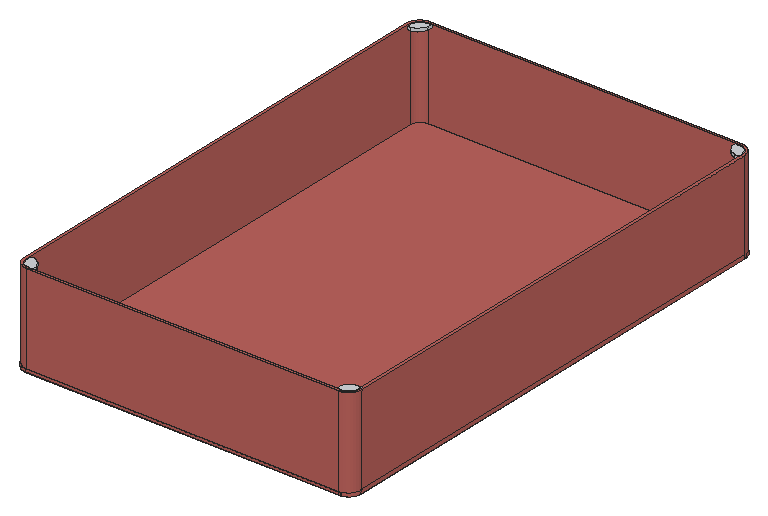
Revit family "Building-ElectricalVehicleCharging-GEWISS-JOINON-ICON_FLUSH-MOUNTING-BOX", category Apparecchi elettrici, host Superficie, Revit 2019 (continued)
Definition of nested family "2D - 48PTDIN CASSETTE DERIVAZIONE INCASSO"
  Lines and regions (mm)
    detail lines, in view "Livello rif.", not visible, detail levels medium+fine
      curve 359: line (-34.07, -268.868, 0) -> (-34.07, -264.782, 0)
      curve 360: line (-34.07, -264.782, 0) -> (-26.632, -264.782, 0)
      curve 361: line (-26.632, -264.782, 0) -> (-26.632, -263.474, 0)
      curve 362: line (-35.378, -268.868, 0) -> (-35.378, -259.387, 0)
      curve 363: line (-35.378, -259.387, 0) -> (-39.465, -259.387, 0)
      curve 364: line (-39.465, -259.387, 0) -> (-39.465, -268.868, 0)
      curve 365: line (-39.465, -268.868, 0) -> (-35.378, -268.868, 0)
      curve 366: line (-60.43, -253.992, 0) -> (-60.43, -258.079, 0)
      curve 367: line (-60.43, -258.079, 0) -> (-55.812, -258.079, 0)
      curve 368: line (-55.812, -258.079, 0) -> (-53.196, -268.868, 0)
      curve 369: line (-53.196, -268.868, 0) -> (-49.109, -268.868, 0)
      curve 370: line (-49.109, -268.868, 0) -> (-47.904, -262.738, 0)
      curve 371: line (-47.904, -262.738, 0) -> (-46.698, -268.868, 0)
      curve 372: line (-46.698, -268.868, 0) -> (-42.611, -268.868, 0)
      curve 373: line (-42.611, -268.868, 0) -> (-40.2, -258.079, 0)
      curve 374: line (-40.2, -258.079, 0) -> (-35.378, -258.079, 0)
      curve 375: line (-35.378, -258.079, 0) -> (-35.378, -253.992, 0)
      curve 376: line (-35.378, -253.992, 0) -> (-43.347, -253.992, 0)
      curve 377: line (-43.347, -253.992, 0) -> (-44.818, -260.286, 0)
      curve 378: line (-44.818, -260.286, 0) -> (-45.84, -253.992, 0)
      curve 379: line (-45.84, -253.992, 0) -> (-50.09, -253.992, 0)
      curve 380: line (-50.09, -253.992, 0) -> (-51.112, -260.286, 0)
      curve 381: line (-51.112, -260.286, 0) -> (-52.583, -253.992, 0)
      curve 382: line (-52.583, -253.992, 0) -> (-60.43, -253.992, 0)
      curve 383: line (-67.868, -268.868, 0) -> (-67.868, -253.992, 0)
      curve 384: line (-67.868, -253.992, 0) -> (-61.738, -253.992, 0)
      curve 385: line (-61.738, -253.992, 0) -> (-61.738, -258.079, 0)
      curve 386: line (-61.738, -258.079, 0) -> (-63.781, -258.079, 0)
      curve 387: line (-63.781, -258.079, 0) -> (-63.781, -259.387, 0)
      curve 388: line (-63.781, -259.387, 0) -> (-56.343, -259.387, 0)
      curve 389: line (-56.343, -259.387, 0) -> (-56.343, -263.474, 0)
      curve 390: line (-56.343, -263.474, 0) -> (-63.781, -263.474, 0)
      curve 391: line (-63.781, -263.474, 0) -> (-63.781, -264.782, 0)
      curve 392: line (-63.781, -264.782, 0) -> (-56.343, -264.782, 0)
      curve 393: line (-56.343, -264.782, 0) -> (-56.343, -268.868, 0)
      curve 394: line (-56.343, -268.868, 0) -> (-67.868, -268.868, 0)
      curve 395: line (-73.263, -264.782, 0) -> (-73.263, -259.387, 0)
      curve 396: line (-73.263, -259.387, 0) -> (-69.176, -259.387, 0)
      curve 397: line (-69.176, -259.387, 0) -> (-69.176, -268.868, 0)
      curve 398: line (-69.176, -268.868, 0) -> (-72.854, -268.868, 0)
      curve 399: line (-72.854, -268.868, 0) -> (-76.081, -268.132, 0)
      curve 400: line (-76.081, -268.132, 0) -> (-78.669, -266.068, 0)
      curve 401: line (-78.669, -266.068, 0) -> (-80.106, -263.086, 0)
      curve 402: line (-80.106, -263.086, 0) -> (-80.106, -259.775, 0)
      curve 403: line (-80.106, -259.775, 0) -> (-78.669, -256.793, 0)
      curve 404: line (-78.669, -256.793, 0) -> (-76.081, -254.729, 0)
      curve 405: line (-76.081, -254.729, 0) -> (-72.854, -253.992, 0)
      curve 406: line (-72.854, -253.992, 0) -> (-69.176, -253.992, 0)
      curve 407: line (-69.176, -253.992, 0) -> (-69.176, -258.079, 0)
      curve 408: line (-69.176, -258.079, 0) -> (-74.571, -258.079, 0)
      curve 409: line (-74.571, -258.079, 0) -> (-74.571, -264.782, 0)
      curve 410: line (-74.571, -264.782, 0) -> (-73.263, -264.782, 0)
      curve 460: line (-21.237, -236.621, 0) -> (-21.237, -246.102, 0)
      curve 461: line (-21.237, -246.102, 0) -> (-15.311, -246.102, 0)
      curve 462: line (-15.311, -246.102, 0) -> (-15.311, -247.41, 0)
      curve 463: line (-15.311, -247.41, 0) -> (-21.237, -247.41, 0)
      curve 464: line (-21.237, -247.41, 0) -> (-21.237, -251.497, 0)
      curve 465: line (-21.237, -251.497, 0) -> (-17.559, -251.497, 0)
      curve 466: line (-17.559, -251.497, 0) -> (-14.906, -251.008, 0)
      curve 467: line (-14.906, -251.008, 0) -> (-12.602, -249.604, 0)
      curve 468: line (-12.602, -249.604, 0) -> (-10.95, -247.472, 0)
      curve 469: line (-10.95, -247.472, 0) -> (-10.168, -244.89, 0)
      curve 470: line (-10.168, -244.89, 0) -> (-10.37, -242.015, 0)
      curve 471: line (-10.37, -242.015, 0) -> (-17.15, -242.015, 0)
      curve 472: line (-17.15, -242.015, 0) -> (-17.15, -240.708, 0)
      curve 473: line (-17.15, -240.708, 0) -> (-11.33, -240.708, 0)
      curve 474: line (-11.33, -240.708, 0) -> (-11.172, -240.65, 0)
      curve 475: line (-11.172, -240.65, 0) -> (-11.088, -240.505, 0)
      curve 476: line (-11.088, -240.505, 0) -> (-11.118, -240.34, 0)
      curve 477: line (-11.118, -240.34, 0) -> (-12.778, -238.361, 0)
      curve 478: line (-12.778, -238.361, 0) -> (-15.015, -237.069, 0)
      curve 479: line (-15.015, -237.069, 0) -> (-17.559, -236.621, 0)
      curve 480: line (-17.559, -236.621, 0) -> (-21.237, -236.621, 0)
      curve 481: line (-26.632, -246.102, 0) -> (-34.07, -246.102, 0)
      curve 482: line (-34.07, -246.102, 0) -> (-34.07, -236.621, 0)
      curve 483: line (-34.07, -236.621, 0) -> (-22.545, -236.621, 0)
      curve 484: line (-22.545, -236.621, 0) -> (-22.545, -240.708, 0)
      curve 485: line (-22.545, -240.708, 0) -> (-29.983, -240.708, 0)
      curve 486: line (-29.983, -240.708, 0) -> (-29.983, -242.015, 0)
      curve 487: line (-29.983, -242.015, 0) -> (-22.545, -242.015, 0)
      curve 488: line (-22.545, -242.015, 0) -> (-22.545, -251.497, 0)
      curve 489: line (-22.545, -251.497, 0) -> (-34.07, -251.497, 0)
      curve 490: line (-34.07, -251.497, 0) -> (-34.07, -247.41, 0)
      curve 491: line (-34.07, -247.41, 0) -> (-26.632, -247.41, 0)
      curve 492: line (-26.632, -247.41, 0) -> (-26.632, -246.102, 0)
      curve 493: line (-35.378, -251.497, 0) -> (-35.378, -242.015, 0)
      curve 494: line (-35.378, -242.015, 0) -> (-39.465, -242.015, 0)
      curve 495: line (-39.465, -242.015, 0) -> (-39.465, -251.497, 0)
      curve 496: line (-39.465, -251.497, 0) -> (-35.378, -251.497, 0)
      curve 497: line (-60.43, -236.621, 0) -> (-60.43, -240.708, 0)
      curve 498: line (-60.43, -240.708, 0) -> (-55.812, -240.708, 0)
      curve 499: line (-55.812, -240.708, 0) -> (-53.196, -251.497, 0)
      curve 500: line (-53.196, -251.497, 0) -> (-49.109, -251.497, 0)
      curve 501: line (-49.109, -251.497, 0) -> (-47.904, -245.367, 0)
      curve 502: line (-47.904, -245.367, 0) -> (-46.698, -251.497, 0)
      curve 503: line (-46.698, -251.497, 0) -> (-42.611, -251.497, 0)
      curve 504: line (-42.611, -251.497, 0) -> (-40.2, -240.708, 0)
      curve 505: line (-40.2, -240.708, 0) -> (-35.378, -240.708, 0)
      curve 506: line (-35.378, -240.708, 0) -> (-35.378, -236.621, 0)
      curve 507: line (-35.378, -236.621, 0) -> (-43.347, -236.621, 0)
      curve 508: line (-43.347, -236.621, 0) -> (-44.818, -242.915, 0)
      curve 509: line (-44.818, -242.915, 0) -> (-45.84, -236.621, 0)
      curve 510: line (-45.84, -236.621, 0) -> (-50.09, -236.621, 0)
      curve 511: line (-50.09, -236.621, 0) -> (-51.112, -242.915, 0)
      curve 512: line (-51.112, -242.915, 0) -> (-52.583, -236.621, 0)
      curve 513: line (-52.583, -236.621, 0) -> (-60.43, -236.621, 0)
      curve 514: line (-67.868, -251.497, 0) -> (-67.868, -236.621, 0)
      curve 515: line (-67.868, -236.621, 0) -> (-61.738, -236.621, 0)
      curve 516: line (-61.738, -236.621, 0) -> (-61.738, -240.708, 0)
      curve 517: line (-61.738, -240.708, 0) -> (-63.781, -240.708, 0)
      curve 518: line (-63.781, -240.708, 0) -> (-63.781, -242.015, 0)
      curve 519: line (-63.781, -242.015, 0) -> (-56.343, -242.015, 0)
      curve 520: line (-56.343, -242.015, 0) -> (-56.343, -246.102, 0)
      curve 521: line (-56.343, -246.102, 0) -> (-63.781, -246.102, 0)
      curve 522: line (-63.781, -246.102, 0) -> (-63.781, -247.41, 0)
      curve 523: line (-63.781, -247.41, 0) -> (-56.343, -247.41, 0)
      curve 524: line (-56.343, -247.41, 0) -> (-56.343, -251.497, 0)
      curve 525: line (-56.343, -251.497, 0) -> (-67.868, -251.497, 0)
      curve 526: line (-73.263, -247.41, 0) -> (-73.263, -242.015, 0)
      curve 527: line (-73.263, -242.015, 0) -> (-69.176, -242.015, 0)
      curve 528: line (-69.176, -242.015, 0) -> (-69.176, -251.497, 0)
      curve 529: line (-69.176, -251.497, 0) -> (-72.854, -251.497, 0)
      curve 530: line (-72.854, -251.497, 0) -> (-76.081, -250.76, 0)
      curve 531: line (-76.081, -250.76, 0) -> (-78.669, -248.696, 0)
      curve 532: line (-78.669, -248.696, 0) -> (-80.106, -245.714, 0)
      curve 533: line (-80.106, -245.714, 0) -> (-80.106, -242.404, 0)
      curve 534: line (-80.106, -242.404, 0) -> (-78.669, -239.421, 0)
      curve 535: line (-78.669, -239.421, 0) -> (-76.081, -237.357, 0)
      curve 536: line (-76.081, -237.357, 0) -> (-72.854, -236.621, 0)
      curve 537: line (-72.854, -236.621, 0) -> (-69.176, -236.621, 0)
      curve 538: line (-69.176, -236.621, 0) -> (-69.176, -240.708, 0)
      curve 539: line (-69.176, -240.708, 0) -> (-74.571, -240.708, 0)
      curve 540: line (-74.571, -240.708, 0) -> (-74.571, -247.41, 0)
      curve 541: line (-74.571, -247.41, 0) -> (-73.263, -247.41, 0)
  Dimensions and locks
    equal spacing: plane 4, plane 3 "Centro (Sinistra/Destra)", plane 5
    equal spacing: plane 6, plane 1 "Centro (Fronte/Retro)", plane 7
    "Larghezza": plane 6 to plane 7
    "Lunghezza": plane 4 to plane 5
    locked: plane 4 to curve 149 at 17.894
    locked: curve 99 to plane 6 at 17.619
    aligned and locked: curve 73 to plane 6
    aligned and locked: curve 326 to plane 7
    aligned and locked: plane 5 to curve 327
    aligned and locked: plane 4 to curve 72
  Automatic sketch dimensions
    curve 43 to curve 55 = 0 mm  (x2)
    curve 43 to curve 63 = 0 mm  (x2)
    curve 43 to curve 64 = 0 mm  (x2)
    curve 46 to curve 57 = 0 mm  (x2)
    curve 46 to curve 66 = 0 mm  (x2)
    curve 46 to curve 68 = 0 mm  (x2)
    curve 49 to curve 56 = 0 mm  (x2)
    curve 49 to curve 61 = 0 mm  (x2)
    curve 49 to curve 62 = 0 mm  (x2)
    curve 52 to curve 58 = 0 mm  (x2)
    curve 52 to curve 65 = 0 mm  (x2)
    curve 52 to curve 67 = 0 mm  (x2)
    curve 27 to plane 4 = 0 mm
    plane 1 "Centro (Fronte/Retro)" to curve 286 = 0 mm
    curve 326 to plane 7 = 0 mm
    curve 27 to plane 6 = 0 mm
    curve 328 to plane 3 "Centro (Sinistra/Destra)" = 0 mm
    plane 1 "Centro (Fronte/Retro)" to curve 226 = 0 mm
    curve 28 to plane 5 = 0 mm
    plane 4 to curve 48 = 1.813 mm
    plane 4 to curve 54 = 1.813 mm
    curve 54 to curve 52 = 0.187 mm
    curve 48 to curve 46 = 0.187 mm
    curve 70 to curve 52 = 0 mm
    curve 60 to curve 46 = 0 mm
    curve 70 to curve 53 = 1.502 mm
    curve 60 to curve 47 = 1.502 mm
    plane 4 to curve 33 = 5.985 mm
    plane 4 to curve 38 = 5.985 mm
    curve 33 to curve 40 = 4.014 mm
    curve 40 to curve 30 = 0.001 mm  (x2)
    curve 38 to curve 27 = 4.015 mm
    curve 27 to curve 42 = 0.006 mm
    curve 42 to curve 37 = 0.009 mm
    curve 40 to curve 34 = 0.016 mm
    curve 36 to plane 5 = 10.015 mm
    curve 31 to plane 5 = 10.015 mm
    curve 31 to curve 39 = 0.013 mm
    curve 39 to curve 29 = 0.002 mm
    curve 36 to curve 28 = 0.015 mm
    curve 29 to curve 32 = 4.015 mm
    curve 41 to curve 35 = 4.008 mm
    curve 50 to plane 5 = 3.502 mm
    curve 44 to plane 5 = 3.502 mm
    curve 50 to curve 56 = 1.502 mm
    curve 44 to curve 63 = 1.502 mm
    curve 69 to curve 49 = 0 mm
    curve 59 to curve 43 = 0 mm
    curve 43 to curve 45 = 0.187 mm
    curve 49 to curve 51 = 0.187 mm
    plane 7 to curve 44 = 1.813 mm
    plane 7 to curve 47 = 1.813 mm
    curve 47 to curve 60 = 0.185 mm
    curve 44 to curve 59 = 0.185 mm
    curve 59 to curve 63 = 0.002 mm
    curve 60 to curve 66 = 0.002 mm
    curve 43 to curve 45 = 1.502 mm
    curve 46 to curve 48 = 1.502 mm
    curve 31 to curve 29 = 4.015 mm
    curve 34 to curve 30 = 4.015 mm
    curve 29 to curve 39 = 0.006 mm
    curve 39 to curve 32 = 0.01 mm
    curve 40 to curve 33 = 0.017 mm
    curve 38 to curve 27 = 0.015 mm
    curve 35 to curve 28 = 0.015 mm
    curve 42 to curve 27 = 0.002 mm
    curve 28 to curve 41 = 0.006 mm
    curve 41 to curve 36 = 4.009 mm
    curve 27 to curve 37 = 4.015 mm
    curve 51 to plane 6 = 3.502 mm
    curve 54 to plane 6 = 3.502 mm
    curve 54 to curve 52 = 1.502 mm
    curve 51 to curve 61 = 1.502 mm
    curve 49 to curve 69 = 0.002 mm
    curve 52 to curve 70 = 0.002 mm
    curve 70 to curve 53 = 0.185 mm
    curve 69 to curve 50 = 0.185 mm
    plane 4 to curve 65 = 2.57 mm
    plane 4 to curve 68 = 2.57 mm
    curve 68 to curve 68 = 1.201 mm
    curve 65 to curve 53 = 1.201 mm
    curve 159 to curve 33 = 1.105 mm  (x2)
    curve 162 to curve 38 = 1.105 mm
    curve 162 to curve 38 = 0 mm
    curve 159 to curve 33 = 0 mm  (x2)
    curve 47 to curve 47 = 1.641 mm
    curve 53 to curve 53 = 1.641 mm
    curve 47 to curve 66 = 0.626 mm
    curve 53 to curve 67 = 0.626 mm
    curve 67 to curve 281 = 0.003 mm
    curve 66 to curve 277 = 0.003 mm
    curve 281 to curve 282 = 0.006 mm
    curve 277 to curve 278 = 0.006 mm
    plane 4 to curve 289 = 6.068 mm
    plane 1 "Centro (Fronte/Retro)" to curve 276 = 0.75 mm
    plane 4 to curve 276 = 6.068 mm
    curve 282 to curve 283 = 0.193 mm
    curve 278 to curve 278 = 0.193 mm
    curve 279 to curve 186 = 0.801 mm
    curve 281 to curve 283 = 0.801 mm
    curve 33 to curve 158 = 1.108 mm
    curve 38 to curve 38 = 1.11 mm
    curve 194 to curve 196 = 0.497 mm
    curve 273 to curve 173 = 1.47 mm
    curve 289 to curve 174 = 1.47 mm
    curve 279 to curve 187 = 0.497 mm
    curve 268 to curve 185 = 1.47 mm
    curve 185 to curve 46 = 0 mm
    curve 194 to curve 52 = 0 mm
    curve 162 to curve 37 = 1.11 mm
    curve 34 to curve 34 = 1.108 mm
    curve 174 to curve 288 = 2.962 mm
    curve 186 to curve 267 = 3.459 mm
    curve 283 to curve 292 = 3.459 mm
    curve 274 to curve 267 = 0 mm
    curve 34 to curve 34 = 1.105 mm
    curve 37 to curve 37 = 1.105 mm
    curve 37 to curve 163 = 0 mm
    curve 34 to curve 158 = 0 mm  (x2)
    curve 266 to curve 320 = 1.5 mm
    curve 163 to curve 197 = 1.842 mm
    curve 158 to curve 182 = 1.842 mm
    curve 182 to curve 46 = 0 mm  (x2)
    curve 197 to curve 52 = 0 mm
    curve 182 to curve 272 = 0.237 mm
    curve 197 to curve 198 = 0.237 mm
    curve 306 to curve 304 = 0.324 mm
    curve 271 to curve 272 = 0.324 mm
    curve 307 to plane 6 = 6.24 mm
    curve 307 to curve 58 = 0.052 mm
    curve 270 to curve 57 = 0.052 mm
    curve 305 to plane 6 = 6.046 mm
    curve 58 to curve 305 = 0.015 mm
    plane 7 to curve 269 = 6.046 mm
    curve 57 to curve 269 = 0.015 mm
    plane 7 to curve 270 = 6.041 mm
    curve 269 to curve 270 = 0.002 mm
    curve 304 to plane 6 = 6.041 mm
    curve 305 to curve 304 = 0.002 mm
    curve 304 to curve 54 = 0.183 mm
    curve 270 to curve 57 = 0.183 mm
    curve 54 to curve 70 = 0.149 mm
    curve 48 to curve 60 = 0.149 mm
    curve 54 to curve 70 = 0.117 mm
    curve 48 to curve 60 = 0.117 mm
    curve 46 to curve 265 = 7.537 mm
    curve 52 to curve 294 = 7.537 mm
    curve 265 to curve 320 = 0.555 mm
    curve 293 to curve 322 = 0.555 mm
    curve 322 to curve 294 = 13.395 mm
    curve 319 to curve 184 = 13.395 mm
    curve 264 to curve 261 = 1.5 mm
    curve 294 to curve 298 = 1.5 mm
    curve 299 to plane 6 = 11 mm
    curve 299 to plane 3 "Centro (Sinistra/Destra)" = 23.15 mm
    plane 7 to curve 260 = 6.068 mm
    curve 260 to plane 3 "Centro (Sinistra/Destra)" = 23.15 mm
    curve 260 to curve 258 = 1.5 mm
    curve 299 to curve 300 = 1.5 mm
    curve 257 to curve 319 = 10.282 mm
    curve 301 to curve 303 = 10.282 mm
    curve 256 to curve 318 = 0 mm
    curve 324 to curve 303 = 0 mm
    curve 256 to plane 3 "Centro (Sinistra/Destra)" = 1.2 mm
    curve 303 to plane 3 "Centro (Sinistra/Destra)" = 1.2 mm
    plane 3 "Centro (Sinistra/Destra)" to curve 208 = 1.2 mm
    plane 3 "Centro (Sinistra/Destra)" to curve 244 = 1.2 mm
    curve 315 to curve 314 = 10.168 mm
    curve 244 to curve 244 = 10.168 mm
    curve 309 to curve 244 = 0 mm
    curve 209 to curve 314 = 0 mm
    curve 208 to curve 201 = 10.282 mm
    curve 244 to curve 246 = 10.282 mm
    curve 246 to curve 248 = 1.5 mm
    curve 201 to curve 168 = 1.5 mm
    curve 250 to curve 31 = 25.935 mm
    curve 213 to plane 6 = 11 mm
    curve 213 to curve 28 = 25.95 mm
    curve 168 to curve 188 = 1.5 mm
    curve 249 to curve 235 = 1.5 mm
    curve 310 to curve 39 = 11.119 mm
    curve 313 to curve 28 = 11.055 mm
    curve 313 to curve 217 = 0.555 mm
    curve 310 to curve 233 = 0.621 mm
    curve 59 to curve 39 = 4.039 mm
    curve 69 to curve 41 = 4.048 mm
    curve 59 to curve 59 = 0.117 mm
    curve 69 to curve 51 = 0.117 mm
    curve 59 to curve 55 = 0.149 mm
    curve 51 to curve 56 = 0.149 mm
    curve 204 to plane 6 = 6.041 mm
    curve 51 to curve 204 = 0.183 mm
    plane 7 to curve 252 = 6.041 mm
    curve 45 to curve 252 = 0.183 mm
    curve 205 to plane 6 = 6.046 mm
    curve 204 to curve 205 = 0.002 mm
    plane 7 to curve 253 = 6.046 mm
    curve 252 to curve 253 = 0.002 mm
    curve 252 to curve 55 = 0.017 mm
    curve 204 to curve 56 = 0.017 mm
    curve 207 to plane 6 = 6.24 mm
    curve 205 to curve 207 = 0.067 mm
    curve 253 to curve 253 = 0.067 mm
    plane 7 to curve 254 = 6.24 mm
    curve 252 to curve 180 = 0.324 mm
    curve 205 to curve 189 = 0.324 mm
    curve 190 to curve 49 = 0.237 mm
    curve 181 to curve 43 = 0.237 mm
    curve 43 to curve 180 = 0 mm
    curve 49 to curve 189 = 0 mm
    curve 312 to curve 39 = 1.998 mm
    curve 160 to curve 36 = 1.108 mm
    curve 31 to curve 31 = 1.102 mm
    curve 312 to curve 218 = 1.5 mm
    curve 222 to curve 219 = 0 mm
    curve 229 to plane 5 = 10.5 mm
    curve 71 to curve 218 = 0 mm
    curve 231 to curve 228 = 0 mm
    curve 31 to curve 31 = 1.105 mm  (x2)
    curve 31 to curve 74 = 0 mm  (x2)
    curve 36 to curve 36 = 1.108 mm
    curve 49 to curve 35 = 1.553 mm
    curve 43 to curve 32 = 1.553 mm
    curve 43 to curve 178 = 0 mm
    curve 223 to curve 169 = 2.962 mm
    curve 193 to curve 169 = 0 mm
    plane 1 "Centro (Fronte/Retro)" to curve 170 = 0.75 mm
    curve 170 to curve 169 = 0 mm
    curve 35 to curve 35 = 1.108 mm  (x2)
    curve 75 to curve 32 = 1.105 mm
    curve 75 to curve 32 = 0 mm  (x2)
    curve 176 to curve 177 = 0.497 mm
    curve 191 to curve 238 = 0.497 mm
    curve 177 to curve 242 = 0.801 mm
    curve 238 to curve 239 = 0.801 mm
    curve 176 to curve 231 = 1.47 mm
    curve 169 to curve 222 = 1.47 mm
    curve 170 to curve 226 = 1.47 mm
    curve 237 to curve 237 = 0.193 mm
    curve 241 to curve 241 = 0.193 mm
    curve 241 to curve 240 = 0.006 mm
    curve 237 to curve 236 = 0.006 mm
    curve 236 to curve 62 = 0.003 mm
    curve 240 to curve 63 = 0.003 mm
    curve 236 to curve 50 = 0.629 mm
    curve 240 to curve 44 = 0.629 mm
    curve 32 to curve 32 = 1.102 mm
    curve 50 to curve 61 = 1.641 mm
    curve 44 to curve 44 = 1.641 mm
    curve 44 to curve 64 = 1.201 mm
    curve 50 to curve 61 = 1.201 mm
    curve 164 to plane 5 = 2.371 mm
    curve 328 to curve 308 = 0.038 mm
    curve 328 to curve 317 = 0.038 mm
    plane 7 to curve 59 = 2.568 mm
    plane 7 to curve 60 = 2.568 mm
    curve 159 to curve 34 = 1.102 mm
    plane 7 to curve 262 = 6.068 mm
    plane 7 to curve 246 = 6.068 mm
    curve 252 to curve 255 = 0.801 mm
    curve 271 to curve 272 = 0.801 mm
    curve 258 to curve 202 = 1.47 mm
    curve 182 to curve 182 = 0.497 mm
    curve 246 to curve 200 = 1.47 mm
    curve 247 to curve 171 = 1.47 mm
    curve 262 to curve 172 = 1.47 mm
    curve 263 to curve 184 = 1.47 mm
    curve 235 to curve 179 = 1.47 mm
    curve 179 to curve 43 = 0 mm
    curve 74 to curve 32 = 1.108 mm
    curve 200 to curve 245 = 3.462 mm
    curve 179 to curve 235 = 3.462 mm
    curve 260 to curve 258 = 0 mm
    curve 250 to curve 234 = 0 mm
    curve 264 to curve 262 = 0 mm
    curve 46 to curve 266 = 3.462 mm
    curve 244 to curve 309 = 1.5 mm
    curve 265 to curve 319 = 1.5 mm
    curve 233 to curve 311 = 1.5 mm
    curve 46 to curve 187 = 0 mm
    curve 43 to curve 177 = 0 mm
    curve 176 to curve 243 = 0.237 mm
    curve 185 to curve 186 = 0.237 mm
    curve 177 to curve 241 = 0.324 mm
    curve 186 to curve 280 = 0.324 mm
    curve 241 to curve 63 = 0.052 mm
    curve 277 to curve 66 = 0.052 mm
    curve 63 to curve 241 = 0.015 mm
    curve 66 to curve 278 = 0.015 mm
    curve 241 to curve 240 = 0.002 mm
    curve 278 to curve 277 = 0.002 mm
    curve 186 to curve 266 = 7.8 mm
    curve 177 to curve 232 = 7.8 mm
    curve 266 to curve 320 = 0.555 mm
    curve 232 to curve 312 = 0.621 mm
    curve 311 to curve 232 = 13.229 mm
    curve 266 to curve 273 = 13.85 mm
    curve 268 to curve 273 = 1.5 mm
    curve 231 to curve 228 = 1.5 mm
    curve 224 to plane 1 "Centro (Fronte/Retro)" = 0.75 mm
    curve 174 to plane 1 "Centro (Fronte/Retro)" = 0.75 mm
    curve 288 to curve 42 = 26.348 mm
    curve 169 to curve 35 = 26.335 mm
    curve 289 to curve 291 = 1.5 mm
    curve 222 to curve 219 = 1.5 mm
    curve 219 to curve 71 = 4.227 mm
    curve 71 to curve 71 = 8.623 mm
    curve 71 to curve 312 = 0.445 mm
    curve 321 to curve 42 = 11.553 mm
    curve 321 to curve 293 = 0.555 mm
    curve 71 to curve 219 = 1 mm
    curve 61 to curve 41 = 4.047 mm
    curve 65 to curve 42 = 4.039 mm
    curve 281 to curve 67 = 0.017 mm
    curve 236 to curve 62 = 0.017 mm
    curve 236 to curve 237 = 0.002 mm
    curve 281 to curve 282 = 0.002 mm
    curve 237 to curve 237 = 0.067 mm
    curve 282 to curve 281 = 0.067 mm
    curve 236 to curve 239 = 0.324 mm
    curve 281 to curve 194 = 0.324 mm
    curve 194 to curve 52 = 0.237 mm
    curve 192 to curve 49 = 0.237 mm
    curve 49 to curve 193 = 0 mm
    curve 52 to curve 194 = 0 mm
    curve 314 to curve 49 = 4.962 mm
    curve 160 to curve 35 = 1.102 mm
    curve 38 to curve 38 = 1.1 mm
    curve 322 to curve 294 = 1.5 mm
    curve 294 to curve 297 = 0 mm
    curve 299 to curve 301 = 0 mm
    curve 314 to curve 209 = 1.5 mm
    curve 213 to curve 216 = 0 mm
    curve 38 to curve 162 = 0 mm
    curve 52 to curve 199 = 0 mm
    curve 208 to curve 201 = 3.462 mm
    curve 49 to curve 190 = 0 mm
    curve 203 to curve 201 = 0 mm
    curve 199 to curve 175 = 0 mm
    curve 168 to curve 188 = 0 mm
    curve 163 to curve 37 = 1.105 mm
    curve 163 to curve 37 = 0 mm
    curve 160 to curve 36 = 1.102 mm
    curve 188 to curve 206 = 0.497 mm
    curve 197 to curve 197 = 0.497 mm
    curve 175 to curve 296 = 1.47 mm
    curve 168 to curve 215 = 1.47 mm
    curve 175 to curve 299 = 1.47 mm
    curve 168 to curve 212 = 1.47 mm
    curve 304 to curve 58 = 0.003 mm
    curve 204 to curve 56 = 0.003 mm
    curve 325 to curve 316 = 0 mm
    curve 325 to curve 328 = 0.041 mm
